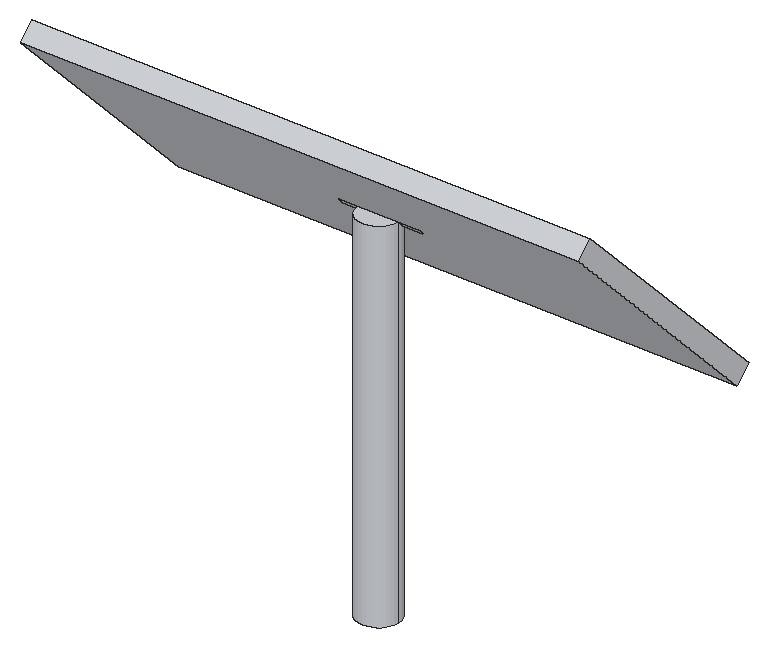
Revit family "PV_Panel_test_parameterized", category Specialty Equipment, Revit 2022
Family settings
  Round Connector Dimension = Use Diameter
  Part Type = Normal
  Work Plane-Based = No
  Always vertical = Yes
  Cut with Voids When Loaded = No
  Maintain Annotation Orientation = No
  Shared = No
  Room Calculation Point = No
Parameters
  Start Angle = Bracket Angle - 5.00°  # 135.00°
  Reference Height = Panel Height  # 9' - 0"
  Panel Width = 7' - 0"
  Panel Length = 14' - 0"
  Panel Height = 9' - 0"
  Panel Angle = 45.00°
  Default Elevation = 0' - 0"
  Bracket Angle = Panel Angle + 95.00°  # 140.00°
Reference planes (in)
  plane 1 "Center (Front/Back)": y = 0
  plane 2: z = 0
  plane 3 "Center (Left/Right)": x = 0
  plane 4 "Column top": z = 108
  plane 5 "Column Topped": y = 0
Forms (in)
  Extrusion 1, solid
    sketch origin (0, 0, 0) x (1, 0, 0) y (0, 1, 0)
      loop
        circle (0, 0) r 6
    from 0 to 108
  Revolve 2, solid
    sketch origin (0, 0, 0) x (1, 0, 0) y (0, 0, 1)
      loop
        line (-12, 108) -> (12, 108) -> (12, 110.41028) -> (-12, 110.41028) -> (-12, 108)
      axis (12, 108) -> (-12, 108)
    angle from 135 <- "Start Angle" to 140 <- "Bracket Angle"
  Extrusion 3, solid
    sketch origin (12, 0, 108) x (0, 0.707107, -0.707107) y (-1, 0, 0)
      loop
        line (42, 96) -> (-42, 96) -> (-42, -72) -> (42, -72) -> (42, 96)
    from 0 to 6
Lines and regions (in)
  model lines
    curve 1: line (0, 29.69848, 78.30152) -> (-84, 29.69848, 78.30152)
Dimensions and locks (in)
  "Panel Height": Extrusion 1 to Extrusion 1
  "Reference Height": plane 4 "Column top" to level
  equal spacing: Extrusion 3 sketch curve, plane 3 "Center (Left/Right)", Extrusion 3 sketch curve
  "Panel Length": Extrusion 3 sketch curve to Extrusion 3 sketch curve
  "Panel Width": Extrusion 3 sketch curve to Extrusion 3 sketch curve
  angle plane 4 "Column top" to Extrusion 3 = 45.00°  (x2)
  aligned and locked: level to plane 2
  aligned and locked: plane 4 "Column top" to Revolve 2 sketch curve
  aligned and locked: Revolve 2 sketch curve to plane 4 "Column top"
Automatic sketch dimensions
  plane 1 "Center (Front/Back)" to Extrusion 1 sketch curve = 0' - 0"
  Extrusion 1 sketch curve to plane 3 "Center (Left/Right)" = 0' - 0"
  Revolve 2 sketch curve to plane 3 "Center (Left/Right)" = 1' - 0"
  plane 4 "Column top" to Revolve 2 sketch curve = 0' - 2.41028"
  plane 3 "Center (Left/Right)" to Revolve 2 sketch curve = 1' - 0"
  Revolve 2 sketch curve to Revolve 2 sketch curve = 0' - 0"  (x2)
  curve 1 to Revolve 2 = 1' - 0"
  Revolve 2 to curve 1 = 3' - 3.58972"
  Revolve 2 to curve 1 = 6' - 0"
  Revolve 2 to Extrusion 3 sketch curve = 3' - 6"
  radius of Extrusion 1 sketch curve = 0' - 6"
